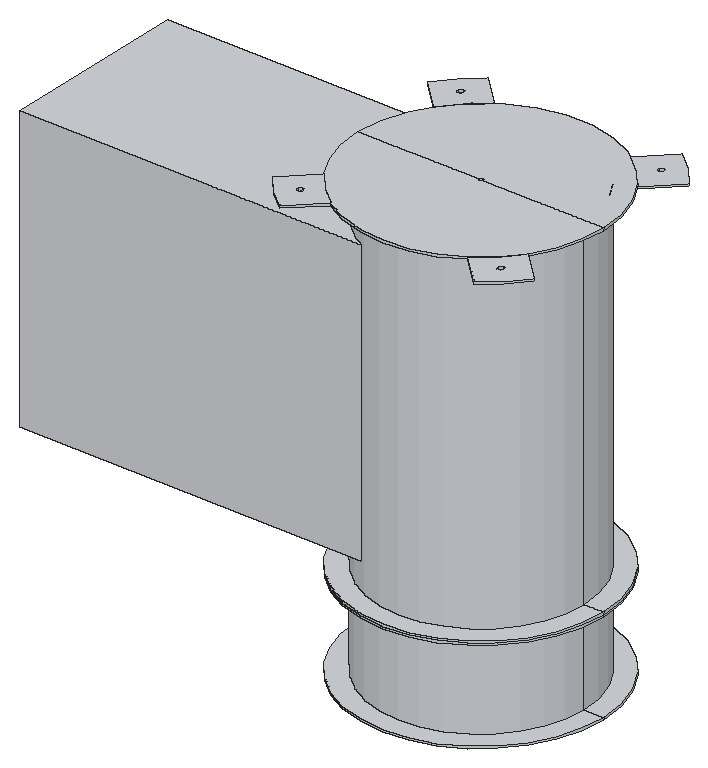
Revit family "AFBV-H_Downblast_Ceiling_Mount", category Mechanical Equipment, Revit 2019
Family settings
  Round Connector Dimension = Use Radius
  Part Type = Normal
  Work Plane-Based = No
  Always vertical = Yes
  Cut with Voids When Loaded = No
  Shared = No
  Room Calculation Point = No
Parameters (values of type "12_AFBV-H_DOWNBLAST_CEILING")
  VANE = 0' - 6"
  Unit Weight [instance] = ""
  ModelID [instance] = ""
  L/2 = L / 2  # 0' - 6 3/8"
  L = 1' - 0 3/4"
  K/2 = K / 2  # 0' - 0 3/16"
  K = 0' - 0 3/8"
  J/2 = J / 2  # 0' - 9 1/32"
  Accessories [instance] = ""
  45 = 45.00°  # constant formula
  (L-1")/2 = (L - 0' 1") / 2  # 0' - 5 7/8"
  (J+(J-A))/2 = (J + ((J - A) / 2)) / 2  # 0' - 10 21/64"
  J = 1' - 6 1/16"
  CENTER = 0' - 0"  # constant formula
  H-(A/2) = H - (A / 2)  # 1' - 6 3/16"
  H+J = H + CENTER  # 2' - 0 5/8"
  H = 2' - 0 5/8"
  Sones [instance] = ""
  Motor RPM [instance] = ""
  Motor Enclosure [instance] = ""
  LwA [instance] = ""
  G = 6' - 0"
  Fan RPM [instance] = ""
  F/2 = F / 2  # 0' - 0 5/32"
  F = 0' - 0 5/16"
  E/2 = E / 2  # 0' - 11"
  E-2" = E - 0' 2"  # 1' - 8"
  E = 1' - 10"
  C/2+J = C / 2 + CENTER  # 0' - 7 5/16"
  C/2 = C / 2  # 0' - 7 5/16"
  C = 1' - 2 5/8"
  B/2 = B / 2  # 0' - 7 13/16"
  B = 1' - 3 5/8"
  A/3 = A / 2.5  # 0' - 5.15"
  A/2 = A / 2  # 0' - 6 7/16"
  A = 1' - 0 7/8"
  60 = 60.00°  # constant formula
  30 = 30.00°  # constant formula
  3" = 0' - 3"  # constant formula
  Brake Hp [instance] = ""
  4" = 0' - 4"  # constant formula
  2' = 2' - 0"
  2" = 0' - 2"  # constant formula
  1" = 0' - 1"  # constant formula
  0 = 0' - 0"  # constant formula
  Voltage [instance] = 0 V
  URL = "www.lorencook.com"
  Type Comments = "Tube Axial Fan Downblast Ceiling Mount High Temperature Construction Belt Drive Arrangement 9"  # constant formula
  Static Pressure [instance] = 0.00 in-wg
  Power [instance] = Voltage * Motor FLA * sqrt(if(Phase = 3, 3, 1))  # 0 VA
  Phase [instance] = 0
  Number of Poles [instance] = 1
  Motor Hp [instance] = "0"
  Motor FLA [instance] = 0 A
  Model = "AFBV-H"  # constant formula
  Manufacturer = "Loren Cook Company"
  CFM [instance] = 0 CFM
  1.5 = 0' - 1 1/2"  # constant formula
  ONE EIGTH = 0' - 0 1/8"  # constant formula
  -E/2 = -E / 2  # -0' - 11"
  -(E-.25")/2 = -(E - 0' 0 1/4") / 2  # -0' - 10 7/8"
  (K/2)-((J-A-.25")/2) = (K / 2) - ((J - A - 0' 0 1/4") / 2)  # -0' - 2 9/32"
  (J-A-.25") = (J - A - 0' 0 1/4")  # 0' - 4 15/16"
  (H-(A/2))/2 = (H - (A / 2)) / 2  # 0' - 9 3/32"
  (E-.25")/2 = (E - 0' 0 1/4") / 2  # 0' - 10 7/8"
  (A+.25")/2 = (A + 0' 0 1/4") / 2  # 0' - 6 9/16"
Types (10): name | VANE | L/2 | L | K/2 | K | J/2 | (L-1")/2 | (J+(J-A))/2 | J | H-(A/2) | H+J | H | F/2 | F | E/2 | E-2" | E | C/2+J | C/2 | C | B/2 | B | A/3 | A/2 | A | -E/2 | -(E-.25")/2 | (K/2)-((J-A-.25")/2) | (J-A-.25") | (H-(A/2))/2 | (E-.25")/2 | (A+.25")/2
  (no name) | 0' - 6" | 0' - 6 3/8" | 1' - 0 3/4" | 0' - 0 3/16" | 0' - 0 3/8" | 0' - 9 1/32" | 0' - 5 7/8" | 0' - 10 21/64" | 1' - 6 1/16" | 1' - 6 3/16" | 2' - 0 5/8" | 2' - 0 5/8" | 0' - 0 5/32" | 0' - 0 5/16" | 0' - 11" | 1' - 8" | 1' - 10" | 0' - 7 5/16" | 0' - 7 5/16" | 1' - 2 5/8" | 0' - 7 13/16" | 1' - 3 5/8" | 0' - 5.15" | 0' - 6 7/16" | 1' - 0 7/8" | -0' - 11" | -0' - 10 7/8" | -0' - 2 9/32" | 0' - 4 15/16" | 0' - 9 3/32" | 0' - 10 7/8" | 0' - 6 9/16"
  12_AFBV-H_DOWNBLAST_CEILING | 0' - 6" | 0' - 6 3/8" | 1' - 0 3/4" | 0' - 0 3/16" | 0' - 0 3/8" | 0' - 9 1/32" | 0' - 5 7/8" | 0' - 10 21/64" | 1' - 6 1/16" | 1' - 6 3/16" | 2' - 0 5/8" | 2' - 0 5/8" | 0' - 0 5/32" | 0' - 0 5/16" | 0' - 11" | 1' - 8" | 1' - 10" | 0' - 7 5/16" | 0' - 7 5/16" | 1' - 2 5/8" | 0' - 7 13/16" | 1' - 3 5/8" | 0' - 5.15" | 0' - 6 7/16" | 1' - 0 7/8" | -0' - 11" | -0' - 10 7/8" | -0' - 2 9/32" | 0' - 4 15/16" | 0' - 9 3/32" | 0' - 10 7/8" | 0' - 6 9/16"
  16_AFBV-H_DOWNBLAST_CEILING | 0' - 10" | 0' - 7 13/16" | 1' - 3 5/8" | 0' - 0 3/16" | 0' - 0 3/8" | 0' - 11 1/32" | 0' - 7 5/16" | 1' - 0 21/64" | 1' - 10 1/16" | 1' - 9 11/16" | 2' - 6 1/8" | 2' - 6 1/8" | 0' - 0 5/32" | 0' - 0 5/16" | 1' - 0 1/2" | 1' - 11" | 2' - 1" | 0' - 9 5/16" | 0' - 9 5/16" | 1' - 6 5/8" | 0' - 9 13/16" | 1' - 7 5/8" | 0' - 6 3/4" | 0' - 8 7/16" | 1' - 4 7/8" | -1' - 0 1/2" | -1' - 0 3/8" | -0' - 2 9/32" | 0' - 4 15/16" | 0' - 10 27/32" | 1' - 0 3/8" | 0' - 8 9/16"
  18_AFBV-H_DOWNBLAST_CEILING | 0' - 11" | 0' - 8 1/2" | 1' - 5" | 0' - 0 3/16" | 0' - 0 3/8" | 1' - 0 1/32" | 0' - 8" | 1' - 1 21/64" | 2' - 0 1/16" | 1' - 9 11/16" | 2' - 7 1/8" | 2' - 7 1/8" | 0' - 0 5/32" | 0' - 0 5/16" | 1' - 0 1/2" | 1' - 11" | 2' - 1" | 0' - 10 5/16" | 0' - 10 5/16" | 1' - 8 5/8" | 0' - 10 13/16" | 1' - 9 5/8" | 0' - 7.55" | 0' - 9 7/16" | 1' - 6 7/8" | -1' - 0 1/2" | -1' - 0 3/8" | -0' - 2 9/32" | 0' - 4 15/16" | 0' - 10 27/32" | 1' - 0 3/8" | 0' - 9 9/16"
  24_AFBV-H_DOWNBLAST_CEILING | 1' - 1" | 0' - 10 7/8" | 1' - 9 3/4" | 0' - 0 3/16" | 0' - 0 3/8" | 1' - 3 13/32" | 0' - 10 3/8" | 1' - 4 57/64" | 2' - 6 13/16" | 2' - 3 7/16" | 3' - 3 7/8" | 3' - 3 7/8" | 0' - 0 7/32" | 0' - 0 7/16" | 1' - 3 1/2" | 2' - 5" | 2' - 7" | 1' - 1 7/16" | 1' - 1 7/16" | 2' - 2 7/8" | 1' - 2 9/16" | 2' - 5 1/8" | 0' - 9.95" | 1' - 0 7/16" | 2' - 0 7/8" | -1' - 3 1/2" | -1' - 3 3/8" | -0' - 2 21/32" | 0' - 5 11/16" | 1' - 1 23/32" | 1' - 3 3/8" | 1' - 0 9/16"
  28_AFBV-H_DOWNBLAST_CEILING | 1' - 1" | 1' - 0 5/16" | 2' - 0 5/8" | 0' - 0 3/16" | 0' - 0 3/8" | 1' - 5 13/32" | 0' - 11 13/16" | 1' - 6 57/64" | 2' - 10 13/16" | 2' - 3 7/16" | 3' - 5 7/8" | 3' - 5 7/8" | 0' - 0 7/32" | 0' - 0 7/16" | 1' - 3 1/2" | 2' - 5" | 2' - 7" | 1' - 3 7/16" | 1' - 3 7/16" | 2' - 6 7/8" | 1' - 4 9/16" | 2' - 9 1/8" | 0' - 11.55" | 1' - 2 7/16" | 2' - 4 7/8" | -1' - 3 1/2" | -1' - 3 3/8" | -0' - 2 21/32" | 0' - 5 11/16" | 1' - 1 23/32" | 1' - 3 3/8" | 1' - 2 9/16"
  32_AFBV-H_DOWNBLAST_CEILING | 1' - 3" | 1' - 2 1/8" | 2' - 4 1/4" | 0' - 0 7/32" | 0' - 0 7/16" | 1' - 7 31/32" | 1' - 1 5/8" | 1' - 9 45/64" | 3' - 3 15/16" | 2' - 4 3/4" | 3' - 9 1/4" | 3' - 9 1/4" | 0' - 0 7/32" | 0' - 0 7/16" | 1' - 5" | 2' - 8" | 2' - 10" | 1' - 5 1/2" | 1' - 5 1/2" | 2' - 11" | 1' - 6 5/8" | 3' - 1 1/4" | 1' - 1.2" | 1' - 4 1/2" | 2' - 9" | -1' - 5" | -1' - 4 7/8" | -0' - 3 1/8" | 0' - 6 11/16" | 1' - 2 3/8" | 1' - 4 7/8" | 1' - 4 5/8"
  36_AFBV-H_DOWNBLAST_CEILING | 1' - 4" | 1' - 3 17/32" | 2' - 7 1/16" | 0' - 0 7/32" | 0' - 0 7/16" | 1' - 9 31/32" | 1' - 3 1/32" | 1' - 11 45/64" | 3' - 7 15/16" | 2' - 4 3/4" | 3' - 11 1/4" | 3' - 11 1/4" | 0' - 0 7/32" | 0' - 0 7/16" | 1' - 5" | 2' - 8" | 2' - 10" | 1' - 7 1/2" | 1' - 7 1/2" | 3' - 3" | 1' - 8 11/16" | 3' - 5 3/8" | 1' - 2.8" | 1' - 6 1/2" | 3' - 1" | -1' - 5" | -1' - 4 7/8" | -0' - 3 1/8" | 0' - 6 11/16" | 1' - 2 3/8" | 1' - 4 7/8" | 1' - 6 5/8"
  14_AFBV-H_DOWNBLAST_CEILING | 0' - 8" | 0' - 7 3/32" | 1' - 2 3/16" | 0' - 0 3/16" | 0' - 0 3/8" | 0' - 10 1/32" | 0' - 6 19/32" | 0' - 11 21/64" | 1' - 8 1/16" | 1' - 6 3/16" | 2' - 1 5/8" | 2' - 1 5/8" | 0' - 0 5/32" | 0' - 0 5/16" | 0' - 11" | 1' - 8" | 1' - 10" | 0' - 8 5/16" | 0' - 8 5/16" | 1' - 4 5/8" | 0' - 8 27/32" | 1' - 5 11/16" | 0' - 5.95" | 0' - 7 7/16" | 1' - 2 7/8" | -0' - 11" | -0' - 10 7/8" | -0' - 2 9/32" | 0' - 4 15/16" | 0' - 9 3/32" | 0' - 10 7/8" | 0' - 7 9/16"
  20_AFBV-H_DOWNBLAST_CEILING | 1' - 0" | 0' - 9 5/16" | 1' - 6 5/8" | 0' - 0 3/16" | 0' - 0 3/8" | 1' - 1 5/32" | 0' - 8 13/16" | 1' - 2 33/64" | 2' - 2 5/16" | 1' - 9 11/16" | 2' - 8 1/8" | 2' - 8 1/8" | 0' - 0 5/32" | 0' - 0 5/16" | 1' - 3 1/2" | 2' - 5" | 2' - 7" | 0' - 11 3/16" | 0' - 11 3/16" | 1' - 10 3/8" | 0' - 11 27/32" | 1' - 11 11/16" | 0' - 8.35" | 0' - 10 7/16" | 1' - 8 7/8" | -1' - 3 1/2" | -1' - 3 3/8" | -0' - 2 13/32" | 0' - 5 3/16" | 0' - 10 27/32" | 1' - 3 3/8" | 0' - 10 9/16"
Reference planes (in)
  plane 1 "Center (Front/Back)": y = 0
  plane 2: z = 0
  plane 3 "Center (Left/Right)": x = 0.40541
Forms (in)
  Revolve 1, solid
    sketch origin (0, 0, 0) x (1, 0, 0) y (0, 0, 1)
      loop
        line (0.40541, -11) -> (8.21791, -11) -> (8.21791, -10.875) -> (6.96791, -10.875) -> (6.96791, 10.875) -> (8.21791, 10.875) -> (8.21791, 11) -> (0.40541, 11) -> (0.40541, -11)
      axis (0.40541, -11) -> (0.40541, 11)
    angle from 0 to 360
  Extrusion 2, solid
    sketch origin (0.40541, 0, 10.875) x (1, 0, 0) y (0, -1, 0)
      loop
        arc (-2.92417, -5.875) -> (-6.5625, 0) -> (-2.92417, 5.875) r 6.5625
        line (-2.92417, 5.875) -> (-24.625, 5.875) -> (-24.625, -5.875) -> (-2.92417, -5.875)
    from 20 <- "E-2"" to 2
  Extrusion 3, void
    sketch origin (0, 0, 0) x (1, 0, 0) y (0, 1, 0)
      loop
        circle (0.40541, 0) r 0.125
    from -11 <- "-E/2" to 11 <- "E/2"
  Extrusion 4, solid
    sketch origin (0.40541, 0, 11) x (1, 0, 0) y (0, 1, 0)
      loop
        arc (-6.16499, 8.28631) -> (-7.30309, 7.30309) -> (-8.28631, 6.16499) r 10.32812
        line (-8.28631, 6.16499) -> (-6.48215, 4.36083)
        arc (-6.48215, 4.36083) -> (-5.52427, 5.52427) -> (-4.36083, 6.48215) r 7.8125
        line (-4.36083, 6.48215) -> (-6.16499, 8.28631)
      loop
        arc (6.16499, -8.28631) -> (7.30309, -7.30309) -> (8.28631, -6.16499) r 10.32812
        line (8.28631, -6.16499) -> (6.48215, -4.36083)
        arc (6.48215, -4.36083) -> (5.52427, -5.52427) -> (4.36083, -6.48215) r 7.8125
        line (4.36083, -6.48215) -> (6.16499, -8.28631)
      loop
        arc (-8.28631, -6.16499) -> (-7.30309, -7.30309) -> (-6.16499, -8.28631) r 10.32812
        line (-6.16499, -8.28631) -> (-4.36083, -6.48215)
        arc (-4.36083, -6.48215) -> (-5.52427, -5.52427) -> (-6.48215, -4.36083) r 7.8125
        line (-6.48215, -4.36083) -> (-8.28631, -6.16499)
      loop
        arc (8.28631, 6.16499) -> (7.30309, 7.30309) -> (6.16499, 8.28631) r 10.32812
        line (6.16499, 8.28631) -> (4.36083, 6.48215)
        arc (4.36083, 6.48215) -> (5.52427, 5.52427) -> (6.48215, 4.36083) r 7.8125
        line (6.48215, 4.36083) -> (8.28631, 6.16499)
    from 0 to -0.125
  Extrusion 5, void
    sketch origin (0, 0, 0) x (1, 0, 0) y (0, 1, 0)
      loop
        circle (6.78041, 6.375) r 0.1875
      loop
        circle (-5.96959, 6.375) r 0.1875
      loop
        circle (-5.96959, -6.375) r 0.1875
      loop
        circle (6.78041, -6.375) r 0.1875
    from 11 <- "E/2" to -11 <- "-E/2"
  Revolve 6, solid
    sketch origin (0, 0, 0) x (1, 0, 0) y (0, 0, 1)
      loop
        line (8.21791, -11) -> (6.84291, -11) -> (6.84291, -17) -> (8.21791, -17) -> (8.21791, -16.875) -> (6.96791, -16.875) -> (6.96791, -11.125) -> (8.21791, -11.125) -> (8.21791, -11)
      axis (0.40541, -11) -> (0.40541, -17)
    angle from 0 to 360
Cuts and joins
  Extrusion 3, Extrusion 5 cuts Revolve 1
  Extrusion 3, Extrusion 5 cuts Extrusion 2
  Extrusion 5 cuts Extrusion 4
Dimensions and locks (in)
  "0": Revolve 1 sketch curve to plane 3 "Center (Left/Right)"  (x2)
  "(A+.25")/2": Revolve 1 sketch curve to plane 3 "Center (Left/Right)"
  "B/2": Revolve 1 sketch curve to plane 3 "Center (Left/Right)"  (x2)
  "ONE EIGTH": Revolve 1 sketch curve to Revolve 1 sketch curve  (x2)
  "E": Revolve 1 sketch curve to Revolve 1 sketch curve
  "E/2": level to Revolve 1 sketch curve
  "H": Extrusion 2 sketch curve to plane 3 "Center (Left/Right)"
  "(L-1")/2": Extrusion 2 sketch curve to plane 1 "Center (Front/Back)"  (x2)
  "0": Extrusion 2 sketch curve to plane 3 "Center (Left/Right)"
  "0": Extrusion 2 sketch curve to plane 1 "Center (Front/Back)"
  "0": Extrusion 3 sketch curve to plane 3 "Center (Left/Right)"
  "0": plane 1 "Center (Front/Back)" to Extrusion 3 sketch curve
  "0": Extrusion 4 sketch curve to plane 3 "Center (Left/Right)"  (x8)
  "0": Extrusion 4 sketch curve to plane 1 "Center (Front/Back)"  (x8)
  "1.5": plane 3 "Center (Left/Right)" to Extrusion 4 sketch curve  (x3)
  "3"": Extrusion 4 sketch curve to Extrusion 4 sketch curve  (x4)
  "1.5": Extrusion 4 sketch curve to plane 3 "Center (Left/Right)"
  "L/2": plane 3 "Center (Left/Right)" to Extrusion 5 sketch curve  (x4)
  "L/2": plane 1 "Center (Front/Back)" to Extrusion 5 sketch curve  (x4)
  "0": Revolve 6 sketch curve to plane 3 "Center (Left/Right)"
  "(A+.25")/2": Revolve 6 sketch curve to Revolve 6 sketch curve
  "B/2": Revolve 6 sketch curve to Revolve 6 sketch curve  (x2)
  "ONE EIGTH": Revolve 6 sketch curve to Revolve 6 sketch curve  (x3)
  "0": cut or joined group of Revolve 1, Extrusion 3, Extrusion 5 to Revolve 6 sketch curve
  "VANE": cut or joined group of Revolve 1, Extrusion 3, Extrusion 5 to Revolve 6 sketch curve
  "(A+.25")/2": radius of Extrusion 2 sketch curve
  "ONE EIGTH": radius of Extrusion 3 sketch curve
  "(J+(J-A))/2": radius of Extrusion 4 sketch curve  (x4)
  "B/2": radius of Extrusion 4 sketch curve  (x4)
  "K/2": radius of Extrusion 5 sketch curve  (x4)
  "45": angle Extrusion 4 sketch curve to plane 3 "Center (Left/Right)"
  "45": angle Extrusion 4 sketch curve to plane 1 "Center (Front/Back)"  (x2)
  "45": angle plane 1 "Center (Front/Back)" to Extrusion 4 sketch curve
Automatic sketch dimensions
  Revolve 1 sketch curve to Revolve 1 sketch curve = 0' - 0"
  Revolve 1 sketch curve to Revolve 1 sketch curve = 1' - 6"
  Extrusion 2 sketch curve to Extrusion 2 sketch curve = 0' - 0"
  Revolve 6 sketch curve to level = 1' - 5 1/8"
  Revolve 6 sketch curve to level = 0' - 3 1/8"
Connectors (in)
  electrical at (-13.36917, -5.875, -0.125)
    settings: on Extrusion 2, index 1, voltage 0 V, apparent load 0 VA, apparent load phase1 0 VA, apparent load phase2 0 VA, apparent load phase3 0 VA, power factor 1, load classification "Other", number of poles 1, system type 30, power factor state 1, is connector primary yes, connector utility no, sub classification motor no, connector description ""
  hvac at (0.40541, 0, 10.875), driven by "A/2"
    settings: on Revolve 1, index 2, duct flow 0 CFM, flow factor 0, pres drop 0.00 in-wg, loss coef 0, conn angle 0.00°, conn width 12", conn height 12", conn diameter 12 7/8", duct sys type 29, conn prof type 0, flow config 0, flow direction 1, loss method 0, conn ref index -1, conn util no, is conn primary yes, conn desc ""
  hvac at (0.40541, 0, -17), driven by "A/2"
    settings: on Revolve 6, index 3, duct flow 0 CFM, flow factor 0, pres drop 0.00 in-wg, loss coef 0, conn angle 0.00°, conn width 12", conn height 12", conn diameter 12 7/8", duct sys type 29, conn prof type 0, flow config 0, flow direction 2, loss method 0, conn ref index -1, conn util no, is conn primary no, conn desc ""
